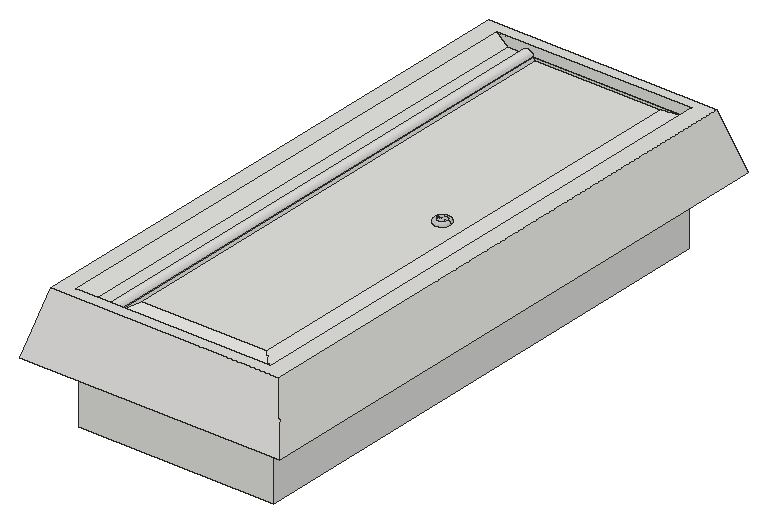
Revit family "Fire_Extinguisher_Cabinet-Whitehall-BestCare-WH1724-A", category Specialty Equipment, host Face, Revit 2019
Family settings
  Host = Face
  Round Connector Dimension = Use Diameter
  Part Type = Normal
  OmniClass Number = 23.65.70.17.27
  OmniClass Title = Fire Extinguishers
  Cut with Voids When Loaded = No
  Shared = Yes
  Room Calculation Point = No
Parameters (values of type "WH1724-A")
  Width = 12"  # constant formula
  URL = "http://www.whitehallmfg.com/"
  Type Comments = ""
  Product Page URL = "https://www.whitehallmfg.com/product.aspx?ProductId=953"
  Product Documentation Link = "https://www.whitehallmfg.com/uploads/fileLibrary/WH1724-A.pdf"
  Model = "WH1724-A"
  Material = "Stainless Steel-Whitehall-Powder Coated White"  # constant formula
  Manufacturer = "Whitehall Manufacturing"  # constant formula
  Length = 6"  # constant formula
  Installation Type = "Recessed Wall Mounted"  # constant formula
  Height = 27"  # constant formula
  Description = "BestCare® Ligature-Resistant Semi-Recessed Fire Extinguisher Cabinet"  # constant formula
  Default Elevation = 0"
  Creation Date = "04/21/2022"  # constant formula
  Body Material = Stainless Steel-Whitehall-Powder Coated White
  Assembly Code = "D4030200"
Reference planes (in)
  plane 1 "Center (Front/Back)": y = 0.5
  plane 2: z = 0
  plane 3 "Center (Left/Right)": x = 0
  plane 4: y = 14
  plane 5: y = -13
  plane 6: z = 2.75
  plane 7: z = -3
  plane 8: y = -11.5
  plane 9: y = 13
  plane 10: y = 13.125
  plane 11: y = -11.625
  plane 12: x = -3
  plane 13: x = -6
  plane 14: x = 6
  plane 15: x = -5.25
  plane 16: x = 5.25
  plane 17: x = -4.5
  plane 18: x = 4.5
  plane 19: y = 12.625
  plane 20: y = -11.625
  plane 21: y = 12.5
  plane 22: y = 12.625
  plane 23: y = 12.625
Forms (in)
  Blend 1, solid, material "Stainless Steel-Whitehall-Powder Coated White" <- "Body Material"
    base sketch origin (0, 0, 0) x (1, 0, 0) y (0, 1, 0)
      loop
        line (-6, 14) -> (-6, -13) -> (6, -13) -> (6, 14) -> (-6, 14)
    top sketch origin (0, 0, 0) x (1, 0, 0) y (0, 1, 0)
      loop
        line (-5.25, 13.125) -> (-5.25, -12.125) -> (5.25, -12.125) -> (5.25, 13.125) -> (-5.25, 13.125)
    from 0 to 2.75
  Blend 2, solid, material "Stainless Steel-Whitehall-Powder Coated White" <- "Body Material"
    base sketch origin (0.1875, 0, 0) x (1, 0, 0) y (0, 1, 0)
      loop
        line (-3, 12.625) -> (-3, -11.625) -> (4.25, -11.625) -> (4.25, 12.625) -> (-3, 12.625)
    top sketch origin (0.1875, 0, 0) x (1, 0, 0) y (0, 1, 0)
      loop
        line (-2.25, 11.875) -> (-2.25, -10.875) -> (3.5, -10.875) -> (3.5, 11.875) -> (-2.25, 11.875)
    from 2.31424 to 2.75
  Blend 3, void
    base sketch origin (0, 0, 0) x (1, 0, 0) y (0, 1, 0)
      loop
        line (-4, 12.625) -> (-4, -11.625) -> (4.5, -11.625) -> (4.5, 12.625) -> (-4, 12.625)
    top sketch origin (0, 0, 0) x (1, 0, 0) y (0, 1, 0)
      loop
        line (-4.5, 12.625) -> (-4.5, -11.625) -> (4.5, -11.625) -> (4.5, 12.625) -> (-4.5, 12.625)
    from 2.31424 to 2.75
  Extrusion 4, solid, material "Stainless Steel-Whitehall-Powder Coated White" <- "Body Material"
    sketch origin (-0.0625, 0.5, 2.3125) x (1, 0, 0) y (0, 0, 1)
      loop
        circle (-3, 0) r 0.25
    from -12.5 to 12
  Sweep 5, solid, material "Metal-Whitehall-Stainless Steel"
    path origin (-0.53125, 0, 2) x (1, 0, 0) y (0, 1, 0)
      loop
        circle (3.2348, 0.5) r 0.25
    profile origin (2.70355, 0.75, 2) x (0, -1, 0) y (0, 0, 1)
      loop
        line (0, 0.75) -> (0, 0.88372)
        arc (0, 0.88372) -> (-0.09456, 0.84456) -> (-0.13372, 0.75) r 0.13372
        line (-0.13372, 0.75) -> (0, 0.75)
  Extrusion 6, solid, material "Stainless Steel-Whitehall-Powder Coated White" <- "Body Material"
    sketch origin (0, 11.875, 0) x (0, 1, 0) y (0, 0, 1)
      loop
        line (-23.375, -3) -> (0.625, -3) -> (0.625, 0) -> (0.75, 0) -> (0.75, 2.31424) -> (-23.5, 2.31424) -> (-23.5, 0) -> (-23.375, 0) -> (-23.375, -3)
    from -4.5 to 4.5
  Extrusion 7, solid, material "Metal-Whitehall-Stainless Steel"
    sketch origin (0, 0, 0) x (1, 0, 0) y (0, 1, 0)
      loop
        circle (2.70355, 0.5) r 0.25
      loop
        line (2.52025, 0.54419) -> (2.52025, 0.46197) -> (2.88341, 0.46197) -> (2.88341, 0.54419) -> (2.52025, 0.54419)
    from 2.75 to 2.88372
Cuts and joins
  Blend 3 cuts Blend 1
  joined: Sweep 5, Extrusion 7
Lines and regions (in)
  Masking region 1
    outline origin (0, 0.5, 0) x (1, 0, 0) y (0, 0, 1)
      loop
        line (-6, 0) -> (6, 0) -> (5.25, 2.75) -> (3.08728, 2.75)
        arc (3.08728, 2.75) -> (3.04811, 2.84456) -> (2.95355, 2.88372) r 0.13372
        line (2.95355, 2.88372) -> (2.45355, 2.88372)
        arc (2.45355, 2.88372) -> (2.359, 2.84456) -> (2.31983, 2.75) r 0.13372
        line (2.31983, 2.75) -> (-5.25, 2.75) -> (-6, 0)
  Masking region 2, detail levels medium+fine
    outline origin (0, 0.5, 0) x (1, 0, 0) y (0, 0, 1)
      loop
        line (4.5, 0) -> (-4.5, 0) -> (-4.5, -3) -> (4.5, -3) -> (4.5, 0)
  symbolic lines, detail levels medium+fine
    curve 1: line (5.25, 0.5, 2.75) -> (-5.25, 0.5, 2.75)
Dimensions and locks (in)
  equal spacing: plane 5, plane 1 "Center (Front/Back)", plane 4
  "Height": plane 4 to plane 5
  plane 6 to host face = 2 3/4"
  host face to plane 7 = 3"
  plane 5 to plane 11 = 1 3/8"
  equal spacing: plane 13, plane 3 "Center (Left/Right)", plane 14
  "Width": plane 13 to plane 14
  plane 15 to plane 16 = 10 1/2"
  plane 17 to plane 18 = 9"  (x2)
  plane 10 to plane 19 = 1/2"
  plane 20 to plane 11 = 0"
  cut or joined group of Blend 1, Blend 3 to Blend 2 sketch curve = 3/4"  (x2)
  plane 8 to plane 1 "Center (Front/Back)" = 12"
  plane 21 to plane 1 "Center (Front/Back)" = 12"
  plane 13 to plane 15 = 3/4"
  Extrusion 6 to Blend 3 sketch curve = 1/2"
  plane 8 to plane 21 = 24"
  equal spacing: plane 17, plane 3 "Center (Left/Right)", plane 18
  plane 5 to plane 4 = 27"
  aligned and locked: plane 2 to host face
  aligned and locked: level to host face
  aligned and locked: Blend 1 sketch curve to plane 4
  aligned and locked: Blend 1 sketch curve to plane 5
  aligned and locked: plane 6 to Blend 1
  aligned and locked: plane 6 to Blend 2
  aligned and locked: Blend 1 to Blend 3
  aligned and locked: Masking region 1 sketch curve to cut or joined group of Blend 1, Blend 3  (x2)
  aligned and locked: plane 13 to Blend 1 sketch curve
  aligned and locked: Blend 1 sketch curve to plane 14
  aligned and locked: plane 15 to Blend 1 sketch curve
  aligned and locked: Blend 1 sketch curve to plane 16
  aligned and locked: Blend 1 sketch curve to plane 10
  aligned and locked: Blend 3 sketch curve to plane 18  (x2)
  aligned and locked: plane 17 to Blend 3 sketch curve
  aligned and locked: plane 20 to Blend 3 sketch curve  (x2)
  aligned and locked: Blend 3 sketch curve to plane 19  (x2)
  aligned and locked: Blend 2 sketch curve to plane 19
  aligned and locked: plane 20 to Blend 2 sketch curve
  aligned and locked: Extrusion 6 sketch curve to plane 8
  aligned and locked: Extrusion 6 sketch curve to plane 7
  aligned and locked: Extrusion 6 sketch curve to plane 21
  aligned and locked: cut or joined group of Blend 1, Blend 3 to Extrusion 6
  aligned and locked: Extrusion 6 to plane 17
  aligned and locked: Extrusion 6 sketch curve to Blend 2
  aligned and locked: curve 1 to cut or joined group of Blend 1, Blend 3
  aligned and locked: Extrusion 7 sketch curve to Sweep 5
  aligned and locked: Extrusion 7 to Sweep 5
  aligned and locked: Extrusion 7 to Blend 2
Automatic sketch dimensions
  host sketch curve to host sketch curve = 96"  (x2)
  plane 12 to Blend 2 sketch curve = 3/16"
  plane 18 to Blend 2 sketch curve = 1/16"
  plane 1 "Center (Front/Back)" to Sweep 5 sketch curve = 0"
  plane 18 to Sweep 5 sketch curve = 1.79645"
  Sweep 5 sketch curve to profile plane = 0"
  profile plane to Sweep 5 sketch curve = 0.13372"
  profile plane to Sweep 5 sketch curve = 3/4"
  plane 12 to Blend 2 sketch curve = 15/16"
  plane 18 to Blend 2 sketch curve = 13/16"
  Masking region 1 sketch curve to level = 0"
  Masking region 1 sketch curve to plane 6 = 0"  (x2)
  plane 18 to Masking region 1 sketch curve = 2.18017"
  plane 6 to Masking region 1 sketch curve = 0.13372"
  Masking region 1 sketch curve to Masking region 1 sketch curve = 1/2"
  level to Extrusion 4 sketch curve = 2 5/16"
  Extrusion 4 sketch curve to plane 12 = 1/16"
  Extrusion 6 sketch curve to plane 11 = 0"
  Extrusion 6 sketch curve to plane 19 = 0"
  Extrusion 6 sketch curve to level = 0"  (x2)
  Blend 1 sketch curve to plane 11 = 1/2"
  curve 1 to plane 15 = 0"
  plane 16 to curve 1 = 0"
  Extrusion 7 sketch curve to plane 1 "Center (Front/Back)" = 0.04419"
  Extrusion 7 sketch curve to Extrusion 7 sketch curve = 0.18331"
  Extrusion 7 sketch curve to Extrusion 7 sketch curve = 0.17985"
  plane 1 "Center (Front/Back)" to Extrusion 7 sketch curve = 0.03803"
  Masking region 2 sketch curve to level = 0"
  Masking region 2 sketch curve to plane 17 = 0"
  Masking region 2 sketch curve to plane 7 = 0"
  plane 18 to Masking region 2 sketch curve = 0"
  radius of Sweep 5 sketch curve = 1/4"
  radius of Extrusion 4 sketch curve = 1/4"
